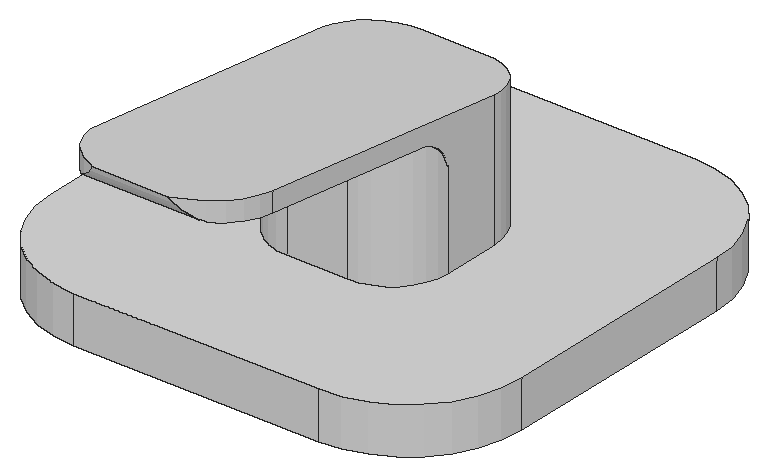
Revit family "Diverter_Trim-Lixil-Grohe_Cubeo_2-Way_101929_TEST", category Plumbing Fixtures, host Face, Revit 2023
Family settings
  Host = Face
  Round Connector Dimension = Use Diameter
  Part Type = Normal
  OmniClass Number = 23.45.05.14.17
  OmniClass Title = Showers
  Enable Cutting in Views = No
  Cut with Voids When Loaded = No
  Maintain Annotation Orientation = No
  Shared = No
  Room Calculation Point = No
Parameters (values of type "Chrome")
  Waste Connection = 1 = 0  # no
  Warranty URL = "Contact Manufacturer for More Information"
  WFU = 0
  Version = "2023 v.1.0a"  # constant formula
  Vent Connection = 1 = 0  # no
  URL = "https://www.grohe.com/en/corporate/homepage.html"
  Type Comments = ""
  Support Phone = "224-699-9545"  # constant formula
  Support Email = "mailto:support@bimsmith.com"
  Product Page URL = "https://lixilpro.com/products/thermostats/thermostats-trim/Cubeo-2-Way-Diverter-Trim/Chrome-(G00)-1019290000/"
  Product Name = "Cubeo 2-Way Diverter Trim"  # constant formula
  Product Documentation Link = "https://lixil.cdn.celum.cloud/252847_101929_Cubeo_2way_diverter_trim_original.pdf"
  Model = "1019290000"
  Material = "Solid Brass Body Construction"  # constant formula
  Manufacturer Phone Number = "+1 (800) 444-7643"  # constant formula
  Manufacturer Email = "Contact Manufacturer for More Information"
  Manufacturer Address = "Contact Manufacturer for More Information"
  Manufacturer = "LIXIL"  # constant formula
  Keynote = "22 41 39"
  HWFU = 0
  HW Connection = 1 = 0  # no
  Flow Rate = 0 GPM
  Finish = Metal - Grohe - Chrome
  Description = "Diverter trim"  # constant formula
  Default Elevation = 0' - 0"  # constant formula
  Copyright = "©LIXIL® | All Rights Reserved"  # constant formula
  Collection = "Cubeo"  # constant formula
  CWFU = 0
  CW Connection = 1 = 0  # no
  Brand = "Grohe"  # constant formula
  Assembly Code = "D2010700"
Types (4): name | Model | Finish
  Chrome | "1019290000" | Metal - Grohe - Chrome
  Matte Black | "1019292430" | Metal - Grohe - Matte Black
  Brushed Nickel | "101929EN00" | Metal - Grohe - Brushed Nickel
  Brushed Cool Sunrise | "101929GN00" | Metal - Grohe - Brushed Cool Sunrise
Reference planes (in)
  plane 1 "Center (Front/Back)": y = 3.6957
  plane 2: z = 0
  plane 3 "Center (Left/Right)": x = 0
  plane 4: x = 0.49375
  plane 5: x = 0.24375
  plane 6: x = 2.59375
  plane 7: x = 0.34141
  plane 8: x = 2.09609
Forms (in)
  Extrusion 1, solid, material "Metal - Grohe - Chrome" <- "Finish"
    sketch origin (1.21875, 2.10221, 0) x (1, 0, 0) y (0, 1, 0)
      loop
        line (-0.19369, 3.56223) -> (-2.24219, 3.56223)
        arc (-2.24219, 3.56223) -> (-2.91062, 3.28536) -> (-3.1875, 2.61692) r 0.94531
        line (-3.1875, 2.61692) -> (-3.1875, 0.57005)
        arc (-3.1875, 0.57005) -> (-2.91062, -0.09839) -> (-2.24219, -0.37527) r 0.94531
        line (-2.24219, -0.37527) -> (-0.19531, -0.37527)
        arc (-0.19531, -0.37527) -> (0.47312, -0.09839) -> (0.75, 0.57005) r 0.94531
        line (0.75, 0.57005) -> (0.75, 2.61855)
        arc (0.75, 2.61855) -> (0.4736, 3.28584) -> (-0.19369, 3.56223) r 0.94369
    from 0 to 0.39143
  Extrusion 2, solid, material "Metal - Grohe - Chrome" <- "Finish"
    sketch origin (0, 3.24573, 0.59796) x (1, 0, 0) y (0, 1, 0)
      loop
        arc (-0.25344, 1.16959) -> (-0.58246, 1.03331) -> (-0.71875, 0.70428) r 0.46531
        line (-0.71875, 0.70428) -> (-0.71875, -1.61392)
        arc (-0.71875, -1.61392) -> (-0.53226, -2.06415) -> (-0.08203, -2.25064) r 0.63672
        line (-0.08203, -2.25064) -> (0.08203, -2.25064)
        arc (0.08203, -2.25064) -> (0.53226, -2.06415) -> (0.71875, -1.61392) r 0.63672
        line (0.71875, -1.61392) -> (0.71875, 0.70428)
        arc (0.71875, 0.70428) -> (0.58246, 1.03331) -> (0.25344, 1.16959) r 0.46531
        line (0.25344, 1.16959) -> (-0.25344, 1.16959)
    from -0.31972 to 3.19293
  Extrusion 3, void
    sketch origin (0, -18.71786, -2.50981) x (0, 1, 0) y (0, 0, 1)
      loop
        line (23.13319, 2.90124) -> (23.13319, 3.9694) -> (19.75731, 4.40124)
        arc (19.75731, 4.40124) -> (19.84334, 4.25807) -> (20.00064, 4.20185) r 0.24817
        line (20.00064, 4.20185) -> (21.95965, 3.95668)
        arc (21.95965, 3.95668) -> (22.12808, 3.81623) -> (22.1912, 3.6062) r 0.38103
        line (22.1912, 3.6062) -> (22.1912, 2.90124) -> (23.13319, 2.90124)
      loop
        line (24.11657, 6.46972) -> (18.8592, 6.46972) -> (18.8592, 2.51991) -> (24.11657, 2.51991) -> (24.11657, 6.46972)
    from -0.71875 to 0.71875
  Extrusion 4, solid, material "Metal - Grohe - Chrome" <- "Finish"
    sketch origin (0, 3.68512, 0.39564) x (1, 0, 0) y (0, 1, 0)
      loop
        line (-0.71875, 0.03339) -> (-0.71875, -0.22487)
        arc (-0.71875, -0.22487) -> (-0.58246, -0.55389) -> (-0.25344, -0.69018) r 0.46531
        line (-0.25344, -0.69018) -> (0.25344, -0.69018)
        arc (0.25344, -0.69018) -> (0.58246, -0.55389) -> (0.71875, -0.22487) r 0.46531
        line (0.71875, -0.22487) -> (0.71875, 0.03339) -> (-0.71875, 0.03339)
    from -0.00421 to 1.09479
Cuts and joins
  Extrusion 3 cuts Extrusion 2
  joined: Extrusion 2, Extrusion 4
Lines and regions (in)
  model lines, detail levels fine
    curve 1: line (-1.30865, 3.75878, 0.39143) -> (-1.37885, 3.75878, 0.39143)
    curve 2: arc (-1.37885, 3.75878, 0.39143) -> (-1.39864, 3.75059, 0.39143) -> (-1.40683, 3.7308, 0.39143) r 0.02798
    curve 3: line (-1.40683, 3.7308, 0.39143) -> (-1.40683, 3.66059, 0.39143)
    curve 4: arc (-1.37885, 3.63261, 0.39143) -> (-1.39864, 3.64081, 0.39143) -> (-1.40683, 3.66059, 0.39143) r 0.02798
    curve 5: line (-1.30865, 3.63261, 0.39143) -> (-1.37885, 3.63261, 0.39143)
    curve 6: arc (-1.30865, 3.63261, 0.39143) -> (-1.28886, 3.64081, 0.39143) -> (-1.28067, 3.66059, 0.39143) r 0.02798
    curve 7: line (-1.28067, 3.7308, 0.39143) -> (-1.28067, 3.66059, 0.39143)
    curve 8: arc (-1.30865, 3.75878, 0.39143) -> (-1.28886, 3.75059, 0.39143) -> (-1.28067, 3.7308, 0.39143) r 0.02798
    curve 9: line (1.30865, 3.75878, 0.39143) -> (1.37885, 3.75878, 0.39143)
    curve 10: arc (1.37885, 3.75878, 0.39143) -> (1.39864, 3.75059, 0.39143) -> (1.40683, 3.7308, 0.39143) r 0.02798
    curve 11: line (1.40683, 3.7308, 0.39143) -> (1.40683, 3.66059, 0.39143)
    curve 12: arc (1.37885, 3.63261, 0.39143) -> (1.39864, 3.64081, 0.39143) -> (1.40683, 3.66059, 0.39143) r 0.02798
    curve 13: line (1.30865, 3.63261, 0.39143) -> (1.37885, 3.63261, 0.39143)
    curve 14: arc (1.30865, 3.63261, 0.39143) -> (1.28886, 3.64081, 0.39143) -> (1.28067, 3.66059, 0.39143) r 0.02798
    curve 15: line (1.28067, 3.7308, 0.39143) -> (1.28067, 3.66059, 0.39143)
    curve 16: arc (1.30865, 3.75878, 0.39143) -> (1.28886, 3.75059, 0.39143) -> (1.28067, 3.7308, 0.39143) r 0.02798
    curve 17: line (-0.32989, 5.2582, 0.39143) -> (0.32989, 5.2582, 0.39143)
    curve 18: line (-0.32989, 5.0082, 0.39143) -> (-0.32989, 5.2582, 0.39143)
    curve 19: line (0.32989, 5.0082, 0.39143) -> (-0.32989, 5.0082, 0.39143)
    curve 20: line (0.32989, 5.2582, 0.39143) -> (0.32989, 5.0082, 0.39143)
Dimensions and locks (in)
  plane 5 to plane 4 = 0' - 0 1/4"
  plane 7 to plane 4 = 0' - 0 39/256"
  aligned and locked: plane 2 to host face
  aligned and locked: level to host face
